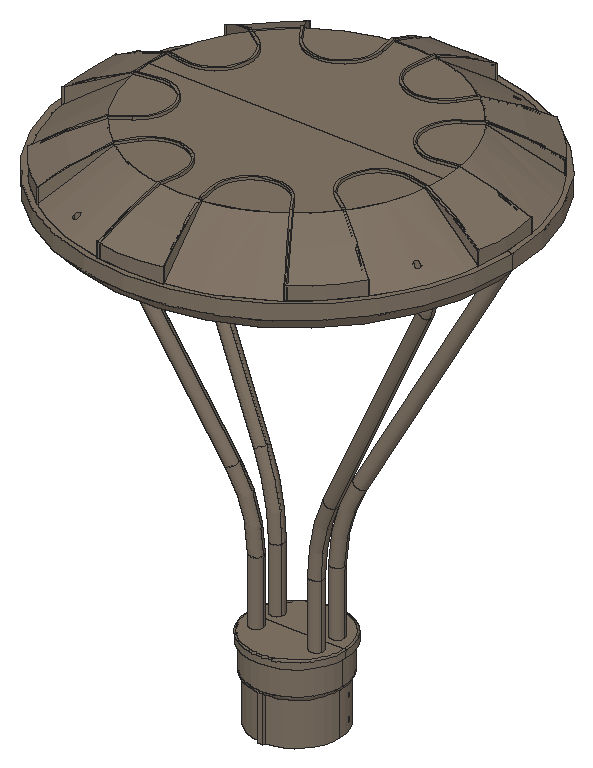
Revit family "LED MOON SERIES POST TOP", category Lighting Fixtures, host Face, Revit 2020 (continued)
Definition of nested family "TOP"
  Automatic sketch dimensions
    Extrusion 25 sketch curve to plane 3 "Center (Left/Right)" = 0' - 0.74655"
    Extrusion 25 sketch curve to Extrusion 25 sketch curve = 0' - 0.07742"
    Extrusion 25 sketch curve to plane 3 "Center (Left/Right)" = 0' - 1.16742"
    Extrusion 25 sketch curve to Extrusion 25 sketch curve = 0' - 1.2207"
    Extrusion 25 sketch curve to Extrusion 25 sketch curve = 0' - 1.01896"
    plane 7 to Extrusion 25 sketch curve = 0' - 2.61273"
    Extrusion 25 sketch curve to Extrusion 25 sketch curve = 0' - 0.06418"  (x2)
    Extrusion 25 sketch curve to Extrusion 25 sketch curve = 0' - 0.4277"
    Extrusion 25 sketch curve to Extrusion 25 sketch curve = 0' - 0.06245"
    Extrusion 25 sketch curve to Extrusion 25 sketch curve = 0' - 1.34948"
    Extrusion 25 sketch curve to Extrusion 25 sketch curve = 0' - 0.04455"
    Extrusion 25 sketch curve to Extrusion 25 sketch curve = 0' - 0.61361"
    Extrusion 25 sketch curve to Extrusion 25 sketch curve = 0' - 0.04704"
    Extrusion 25 sketch curve to Extrusion 25 sketch curve = 0' - 0.70737"
    Extrusion 25 sketch curve to Extrusion 25 sketch curve = 0' - 0.73807"
    Extrusion 25 sketch curve to Extrusion 25 sketch curve = 0' - 0.0109"
    Revolve 26 sketch curve to plane 3 "Center (Left/Right)" = 0' - 0"
    level to Revolve 26 sketch curve = 0' - 8.06868"
    plane 3 "Center (Left/Right)" to Revolve 26 sketch curve = 0' - 1 25/64"
    Revolve 26 sketch curve to plane 4 = 0' - 2.60244"
    Revolve 26 sketch curve to plane 4 = 0' - 0.10244"
    Revolve 26 sketch curve to Revolve 26 sketch curve = 0' - 1.01344"
    Revolve 26 sketch curve to Revolve 26 sketch curve = 0' - 1"
    Revolve 27 sketch curve to plane 3 "Center (Left/Right)" = 0' - 0"
    plane 3 "Center (Left/Right)" to Revolve 27 sketch curve = 0' - 0.17689"
    Revolve 27 sketch curve to plane 4 = 0' - 2.66324"
    Revolve 27 sketch curve to plane 4 = 0' - 0.22567"
    plane 4 to Revolve 27 sketch curve = 0' - 0.39774"
    Revolve 27 sketch curve to Revolve 27 sketch curve = 0' - 0 3/4"
    Revolve 27 sketch curve to Revolve 27 sketch curve = 0' - 1.96882"
    Revolve 27 sketch curve to Revolve 27 sketch curve = 0' - 0.7331"
    level to curve 1 = 0' - 2.41707"
    curve 1 to curve 1 = 0' - 1.64322"
    Revolve 1 sketch curve to level = 0' - 0"
    Revolve 1 sketch curve to level = 0' - 0.31804"
    Revolve 1 sketch curve to level = 0' - 0 7/16"
    level to Revolve 1 sketch curve = 0' - 1"
    Extrusion 3 sketch curve to level = 0' - 1.91872"
    level to Extrusion 5 sketch curve = 0' - 3.48971"
    level to Extrusion 7 sketch curve = 0' - 3.21346"
    level to Extrusion 9 sketch curve = 0' - 1.91872"
    level to Extrusion 11 sketch curve = 0' - 3.15939"
    level to Extrusion 13 sketch curve = 0' - 1.91872"
    level to Extrusion 15 sketch curve = 0' - 3.48971"
    level to Extrusion 17 sketch curve = 0' - 1.91872"
    Revolve 26 sketch curve to level = 0' - 1.8578"
    Revolve 26 sketch curve to level = 0' - 4.17283"
    Revolve 27 sketch curve to level = 0' - 3.90939"
    Revolve 27 sketch curve to level = 0' - 4.1763"
    radius of Extrusion 28 sketch curve = 0' - 0.12154"
    radius of Extrusion 29 sketch curve = 0' - 0.12154"
    radius of Extrusion 30 sketch curve = 0' - 0.12154"
    radius of Extrusion 31 sketch curve = 0' - 0.12154"
Types (31): name | Wattage | WATTS | Voltage Comments | Voltage | built-in parameter 1150134 | Replaces/Equiv.(MH) | Photometric Web File | Order number | Model | built-in parameter 1150105 | Lumens | built-in parameter 1150107 | built-in parameter 1150106 | Apparent Load
  (no name) | 100.106 W | 135 W | "347/480V" | 480 V | 12 | "400 W" | "generic.ies" | "" | "MPT135406-P1-V" | 5354 (stored number, unit not read) | 14870 lm | 4000 (stored number, unit not read) | 53.54 (stored number, unit not read) | 168.75 VA
  MPT75501-P1-V | 55.5399 W | 75 W | "120-277 V" | 277 V | 2 | "250 W" | "MPT75501-V(G).IES" | "11698" | "MPT75501-P1-V" | 656.51 (stored number, unit not read) | 8250 lm | 5000 (stored number, unit not read) | 6.5651 (stored number, unit not read) | 93.75 VA
  MPT75401-P1-V | 55.5399 W | 75 W | "120-277 V" | 277 V | 12 | "250 W" | "MPT75401-V(G).IES" | "11663" | "MPT75401-P1-V" | 656.51 (stored number, unit not read) | 8250 lm | 4000 (stored number, unit not read) | 6.5651 (stored number, unit not read) | 93.75 VA
  MPT75301-P1-V | 49.9859 W | 75 W | "120-277 V" | 277 V | (empty or 0) | "250 W" | "MPT75301-P1-V_IESNA95.IES" | "11699" | "MPT75301-P1-V" | 2655.6 (stored number, unit not read) | 7425 lm | 3000 (stored number, unit not read) | 26.556 (stored number, unit not read) | 93.75 VA
  MPT75501-P1-III | 55.5399 W | 75 W | "120-277 V" | 277 V | 2 | "250 W" | "MPT75501-III(L).IES" | "11706" | "MPT75501-P1-III" | 3168.8 (stored number, unit not read) | 8250 lm | 5000 (stored number, unit not read) | 31.688 (stored number, unit not read) | 93.75 VA
  MPT75401-P1-III | 55.5399 W | 75 W | "120-277 V" | 277 V | 12 | "250 W" | "MPT75401-III(G).IES" | "11707" | "MPT75401-P1-III" | 3168.8 (stored number, unit not read) | 8250 lm | 4000 (stored number, unit not read) | 31.688 (stored number, unit not read) | 93.75 VA
  MPT75301-P1-III | 49.9859 W | 75 W | "120-277 V" | 277 V | (empty or 0) | "250 W" | "MPT75301-P1-III_IESNA95.IES" | "11708" | "MPT75301-P1-III" | 5214.1 (stored number, unit not read) | 7425 lm | 3000 (stored number, unit not read) | 52.141 (stored number, unit not read) | 93.75 VA
  MPT35501-P1-V | 25.9186 W | 35 W | "120-277 V" | 277 V | 2 | "150 W" | "MPT35501-V(L).IES" | "11659" | "MPT35501-P1-V" | 2825.7 (stored number, unit not read) | 3850 lm | 5000 (stored number, unit not read) | 28.257 (stored number, unit not read) | 43.75 VA
  MPT35401-P1-V | 25.9186 W | 35 W | "120-277 V" | 277 V | 12 | "150 W" | "MPT35401-V(G).IES" | "11660" | "MPT35401-P1-V" | 2825.7 (stored number, unit not read) | 3850 lm | 4000 (stored number, unit not read) | 28.257 (stored number, unit not read) | 43.75 VA
  MPT35301-P1-V | 23.3267 W | 35 W | "120-277 V" | 277 V | (empty or 0) | "150 W" | "MPT35301-P1-V_IESNA95.IES" | "11661" | "MPT35301-P1-V" | 1286.9 (stored number, unit not read) | 3465 lm | 3000 (stored number, unit not read) | 12.869 (stored number, unit not read) | 43.75 VA
  MPT35501-P1-III | 25.9186 W | 35 W | "120-277 V" | 277 V | 2 | "150 W" | "MPT35501-III(L).IES" | "11672" | "MPT35501-P1-III" | 1455.9 (stored number, unit not read) | 3850 lm | 5000 (stored number, unit not read) | 14.559 (stored number, unit not read) | 43.75 VA
  MPT35401-P1-III | 25.9186 W | 35 W | "120-277 V" | 277 V | 12 | "150 W" | "MPT35401-III(G).IES" | "11673" | "MPT35401-P1-III" | 1455.9 (stored number, unit not read) | 3850 lm | 4000 (stored number, unit not read) | 14.559 (stored number, unit not read) | 43.75 VA
  MPT35301-P1-III | 23.3267 W | 35 W | "120-277 V" | 277 V | (empty or 0) | "150 W" | "MPT35301-P1-III_IESNA95.IES" | "11674" | "MPT35301-P1-III" | 2547.7 (stored number, unit not read) | 3465 lm | 3000 (stored number, unit not read) | 25.477 (stored number, unit not read) | 43.75 VA
  MPT50501-P1-V | 37.0266 W | 50 W | "120-277 V" | 277 V | 2 | "175 W" | "MPT50501-V(G).IES" | "11681" | "MPT50501-P1-V" | 3952.3 (stored number, unit not read) | 5500 lm | 5000 (stored number, unit not read) | 39.523 (stored number, unit not read) | 62.5 VA
  MPT50401-P1-V | 37.0266 W | 50 W | "120-277 V" | 277 V | 12 | "175 W" | "MPT50401-V(G).IES" | "11662" | "MPT50401-P1-V" | 3952.3 (stored number, unit not read) | 5500 lm | 4000 (stored number, unit not read) | 39.523 (stored number, unit not read) | 62.5 VA
  MPT50301-P1-V | 33.3239 W | 50 W | "120-277 V" | 277 V | (empty or 0) | "175 W" | "generic.ies" | "11682" | "MPT50301-P1-V" | 1835.2 (stored number, unit not read) | 4950 lm | 3000 (stored number, unit not read) | 18.352 (stored number, unit not read) | 62.5 VA
  MPT50501-P1-III | 37.0266 W | 50 W | "120-277 V" | 277 V | 2 | "175 W" | "MPT50501-III(G).IES" | "11689" | "MPT50501-P1-III" | 3952.3 (stored number, unit not read) | 5500 lm | 5000 (stored number, unit not read) | 39.523 (stored number, unit not read) | 62.5 VA
  MPT50401-P1-III | 37.0266 W | 50 W | "120-277 V" | 277 V | 12 | "175 W" | "MPT50401-III(G).IES" | "11690" | "MPT50401-P1-III" | 3952.3 (stored number, unit not read) | 5500 lm | 4000 (stored number, unit not read) | 39.523 (stored number, unit not read) | 62.5 VA
  MPT50301-P1-III | 33.3239 W | 50 W | "120-277 V" | 277 V | (empty or 0) | "175 W" | "MPT50301-P1-III_IESNA95.IES" | "11691" | "MPT50301-P1-III" | 3791.4 (stored number, unit not read) | 4950 lm | 3000 (stored number, unit not read) | 37.914 (stored number, unit not read) | 62.5 VA
  MPT100501-P1-V | 74.0531 W | 100 W | "120-277 V" | 277 V | 2 | "320 W" | "MPT100501-V(L).IES" | "12625" | "MPT100501-P1-V" | 8523.4 (stored number, unit not read) | 11000 lm | 5000 (stored number, unit not read) | 85.234 (stored number, unit not read) | 125 VA
  MPT100401-P1-V | 74.0531 W | 100 W | "120-277 V" | 277 V | 12 | "320 W" | "MPT100401-V(G).IES" | "12626" | "MPT100401-P1-V" | 8523.4 (stored number, unit not read) | 11000 lm | 4000 (stored number, unit not read) | 85.234 (stored number, unit not read) | 125 VA
  MPT100301-P1-V | 66.6478 W | 100 W | "120-277 V" | 277 V | (empty or 0) | "320 W" | "MPT100301-P1-V.IES" | "12627" | "MPT100301-P1-V" | 3379.7 (stored number, unit not read) | 9900 lm | 3000 (stored number, unit not read) | 33.797 (stored number, unit not read) | 125 VA
  MPT100501-P1-III | 74.0531 W | 100 W | "120-277 V" | 277 V | 2 | "320 W" | "MPT100501-III(L).IES" | "12637" | "MPT100501-P1-III" | 875.35 (stored number, unit not read) | 11000 lm | 5000 (stored number, unit not read) | 8.7535 (stored number, unit not read) | 125 VA
  MPT100401-P1-III | 74.0531 W | 100 W | "120-277 V" | 277 V | 12 | "320 W" | "MPT100401-III(G).IES" | "12638" | "MPT100401-P1-III" | 875.35 (stored number, unit not read) | 11000 lm | 4000 (stored number, unit not read) | 8.7535 (stored number, unit not read) | 125 VA
  MPT100301-P1-III | 66.6478 W | 100 W | "120-277 V" | 277 V | (empty or 0) | "320 W" | "MPT100301-P1-III_IESNA95.IES" | "12639" | "MPT100301-P1-III" | 6911.5 (stored number, unit not read) | 9900 lm | 3000 (stored number, unit not read) | 69.115 (stored number, unit not read) | 125 VA
  MPT135501-P1-V | 100.106 W | 135 W | "120-277 V" | 277 V | 2 | "400 W" | "MPT135501-P1-V_IESNA2002.IES" | "14524" | "MPT135501-P1-V" | 1183 (stored number, unit not read) | 14870 lm | 5000 (stored number, unit not read) | 11.83 (stored number, unit not read) | 168.75 VA
  MPT135401-P1-V | 100.106 W | 135 W | "120-277 V" | 277 V | 12 | "400 W" | "generic.ies" | "14331" | "MPT135401-P1-V" | 5354 (stored number, unit not read) | 14870 lm | 4000 (stored number, unit not read) | 53.54 (stored number, unit not read) | 168.75 VA
  MPT135301-P1-V | 92.0952 W | 135 W | "120-277 V" | 277 V | (empty or 0) | "400 W" | "generic.ies" | "14525" | "MPT135301-P1-V" | 1088.6 (stored number, unit not read) | 13680 lm | 3000 (stored number, unit not read) | 10.886 (stored number, unit not read) | 168.75 VA
  MPT75406-P1-V | 55.5399 W | 75 W | "347/480 V" | 480 V | 12 | "250 W" | "generic.ies" | "" | "MPT75406-P1-V" | 656.51 (stored number, unit not read) | 8250 lm | 4000 (stored number, unit not read) | 6.5651 (stored number, unit not read) | 93.75 VA
  MPT100406-P1-V | 74.0531 W | 100 W | "347/480V" | 480 V | 12 | "320 W" | "generic.ies" | "" | "MPT100406-P1-V" | 8523.4 (stored number, unit not read) | 11000 lm | 4000 (stored number, unit not read) | 85.234 (stored number, unit not read) | 125 VA
  MPT135406-P1-V | 100.106 W | 135 W | "347/480V" | 480 V | 12 | "400 W" | "generic.ies" | "" | "MPT135406-P1-V" | 5354 (stored number, unit not read) | 14870 lm | 4000 (stored number, unit not read) | 53.54 (stored number, unit not read) | 168.75 VA
